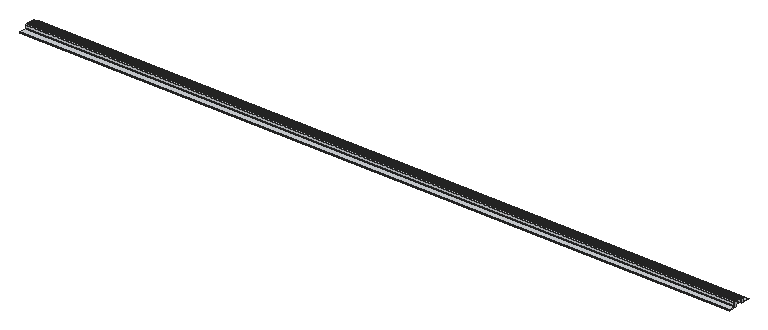
Revit family "Novojunta Pro AL30 RS", category Modelos genéricos, Revit 2024
Family settings
  Puede alojar armadura = No
  Cota de conector redondo = Usar diámetro
  Tipo de pieza = Normal
  Corte con vacíos al cargar = No
  Mantener orientación de anotación = No
  Compartido = No
  Punto de cálculo de habitación = No
Parameters
  Novojunta Pro AL30 RS [instance] = yes
  built-in parameter 1001306 [instance] = 2500 mm
  Default Elevation = 0 mm
  Anchura [instance] = 30 mm
  Altura [instance] = 12.5 mm
Reference planes
  plane 1 "Center (Front/Back)": y = 0
  plane 2: z = 0
  plane 3 "Left": x = 0
  plane 4 "Right": x = 2500
Forms (mm)
  Extrusion 1, solid
    sketch origin (0, 2182.338, -1366.924) x (0, 1, 0) y (0, 0, 1)
      loop
        arc (-2198.484, 1355.773) -> (-2198.923, 1354.712) -> (-2199.984, 1354.273) r 1.5
        line (-2199.984, 1354.273) -> (-2224.134, 1354.273) -> (-2224.134, 1352.923) -> (-2197.134, 1352.923) -> (-2197.134, 1357.647)
        arc (-2197.134, 1357.647) -> (-2196.877, 1358.574) -> (-2196.18, 1359.236) r 1.8
        line (-2196.18, 1359.236) -> (-2193.122, 1360.863)
        arc (-2193.122, 1360.863) -> (-2192.436, 1361.37) -> (-2191.927, 1362.055) r 2.9
        line (-2191.927, 1362.055) -> (-2193.131, 1362.394)
        arc (-2193.131, 1362.394) -> (-2196.184, 1363.424) -> (-2193.131, 1364.453) r 1.7
        line (-2193.131, 1364.453) -> (-2191.927, 1364.792)
        arc (-2191.927, 1364.792) -> (-2192.689, 1365.702) -> (-2193.752, 1366.23) r 2.9
        arc (-2193.752, 1366.23) -> (-2196.099, 1366.666) -> (-2198.484, 1366.765) r 16.767
        line (-2198.484, 1366.765) -> (-2198.484, 1355.773)
      loop
        arc (-2165.309, 1354.234) -> (-2166.37, 1354.674) -> (-2166.809, 1355.734) r 1.5
        line (-2166.809, 1355.734) -> (-2166.809, 1366.727)
        arc (-2166.809, 1366.727) -> (-2169.194, 1366.628) -> (-2171.541, 1366.191) r 16.767
        arc (-2171.541, 1366.191) -> (-2172.604, 1365.663) -> (-2173.366, 1364.754) r 2.9
        line (-2173.366, 1364.754) -> (-2172.162, 1364.415)
        arc (-2172.162, 1364.415) -> (-2169.109, 1363.385) -> (-2172.162, 1362.355) r 1.7
        line (-2172.162, 1362.355) -> (-2173.366, 1362.017)
        arc (-2173.366, 1362.017) -> (-2172.858, 1361.332) -> (-2172.172, 1360.825) r 2.9
        line (-2172.172, 1360.825) -> (-2169.114, 1359.198)
        arc (-2169.114, 1359.198) -> (-2168.416, 1358.536) -> (-2168.159, 1357.609) r 1.8
        line (-2168.159, 1357.609) -> (-2168.159, 1352.884) -> (-2141.159, 1352.884) -> (-2141.159, 1354.234) -> (-2165.309, 1354.234)
      loop
        arc (-2193.348, 1366.308) -> (-2192.103, 1365.409) -> (-2191.443, 1364.024) r 3.1
        line (-2191.443, 1364.024) -> (-2193.109, 1364.024)
        arc (-2193.109, 1364.024) -> (-2195.984, 1363.424) -> (-2193.109, 1362.824) r 1.5
        line (-2193.109, 1362.824) -> (-2191.443, 1362.824)
        arc (-2191.443, 1362.824) -> (-2191.69, 1362.081) -> (-2192.115, 1361.424) r 3.1
        line (-2192.115, 1361.424) -> (-2179.033, 1361.424) -> (-2179.033, 1363.924) -> (-2180.033, 1363.924) -> (-2180.033, 1362.724) -> (-2190.428, 1362.724) -> (-2190.428, 1365.624) -> (-2176.384, 1365.624)
        arc (-2176.384, 1365.624) -> (-2179.291, 1366.595) -> (-2182.338, 1366.924) r 14.283
        line (-2182.338, 1366.924) -> (-2188.959, 1366.924)
        arc (-2188.959, 1366.924) -> (-2191.175, 1366.769) -> (-2193.348, 1366.308) r 15.951
      loop
        arc (-2171.946, 1360.501) -> (-2173.19, 1361.4) -> (-2173.851, 1362.785) r 3.1
        line (-2173.851, 1362.785) -> (-2172.184, 1362.785)
        arc (-2172.184, 1362.785) -> (-2169.309, 1363.385) -> (-2172.184, 1363.985) r 1.5
        line (-2172.184, 1363.985) -> (-2173.851, 1363.985)
        arc (-2173.851, 1363.985) -> (-2173.603, 1364.728) -> (-2173.178, 1365.385) r 3.1
        line (-2173.178, 1365.385) -> (-2186.26, 1365.385) -> (-2186.26, 1362.885) -> (-2185.26, 1362.885) -> (-2185.26, 1364.085) -> (-2174.865, 1364.085) -> (-2174.865, 1361.185) -> (-2188.909, 1361.185)
        arc (-2188.909, 1361.185) -> (-2186.003, 1360.214) -> (-2182.956, 1359.885) r 14.283
        line (-2182.956, 1359.885) -> (-2176.335, 1359.885)
        arc (-2176.335, 1359.885) -> (-2174.119, 1360.04) -> (-2171.946, 1360.501) r 15.951
    from 0 to 2500
Lines and regions (mm)
  reference lines
    curve 1: line (0, 0, 0) -> (2500, 0, 0)
Dimensions and locks
  "built-in parameter 1001306": plane 3 "Left" to plane 4 "Right"
  aligned and locked: plane 4 "Right" to curve 1
  aligned and locked: plane 1 "Center (Front/Back)" to curve 1
  aligned and locked: plane 3 "Left" to curve 1
  aligned and locked: level to plane 2
  aligned and locked: Extrusion 1 to curve 1
  aligned and locked: Extrusion 1 to plane 3 "Left"
Automatic sketch dimensions
  Extrusion 1 sketch curve to Extrusion 1 sketch curve = 0 mm  (x63)
  plane 1 "Center (Front/Back)" to Extrusion 1 sketch curve = 41.796 mm
  Extrusion 1 sketch curve to Extrusion 1 sketch curve = 24.15 mm  (x2)
  Extrusion 1 sketch curve to Extrusion 1 sketch curve = 1.5 mm  (x2)
  Extrusion 1 sketch curve to Extrusion 1 sketch curve = 2 mm
  Extrusion 1 sketch curve to Extrusion 1 sketch curve = 0.85 mm  (x2)
  Extrusion 1 sketch curve to level = 7.687 mm
  Extrusion 1 sketch curve to Extrusion 1 sketch curve = 0.954 mm
  Extrusion 1 sketch curve to Extrusion 1 sketch curve = 1.8 mm  (x2)
  Extrusion 1 sketch curve to Extrusion 1 sketch curve = 1.696 mm
  Extrusion 1 sketch curve to Extrusion 1 sketch curve = 1.353 mm  (x2)
  Extrusion 1 sketch curve to Extrusion 1 sketch curve = 0.01 mm
  Extrusion 1 sketch curve to Extrusion 1 sketch curve = 0.022 mm  (x4)
  Extrusion 1 sketch curve to Extrusion 1 sketch curve = 1.006 mm
  Extrusion 1 sketch curve to Extrusion 1 sketch curve = 0.188 mm  (x2)
  Extrusion 1 sketch curve to Extrusion 1 sketch curve = 1.204 mm
  Extrusion 1 sketch curve to Extrusion 1 sketch curve = 0.485 mm  (x4)
  Extrusion 1 sketch curve to Extrusion 1 sketch curve = 1.499 mm
  Extrusion 1 sketch curve to Extrusion 1 sketch curve = 1.469 mm
  Extrusion 1 sketch curve to Extrusion 1 sketch curve = 1.519 mm  (x2)
  Extrusion 1 sketch curve to level = 1.538 mm
  Extrusion 1 sketch curve to Extrusion 1 sketch curve = 2.698 mm  (x2)
  Extrusion 1 sketch curve to Extrusion 1 sketch curve = 1 mm  (x3)
  Extrusion 1 sketch curve to Extrusion 1 sketch curve = 2.305 mm  (x2)
  Extrusion 1 sketch curve to Extrusion 1 sketch curve = 6.621 mm
  Extrusion 1 sketch curve to Extrusion 1 sketch curve = 2.649 mm
  Extrusion 1 sketch curve to Extrusion 1 sketch curve = 1.014 mm
  Extrusion 1 sketch curve to Extrusion 1 sketch curve = 1.182 mm
  Extrusion 1 sketch curve to level = 6.098 mm
  Extrusion 1 sketch curve to Extrusion 1 sketch curve = 1.194 mm
  Extrusion 1 sketch curve to level = 2.508 mm
  Extrusion 1 sketch curve to Extrusion 1 sketch curve = 1.375 mm
  Extrusion 1 sketch curve to Extrusion 1 sketch curve = 2.212 mm
  Extrusion 1 sketch curve to level = 7.726 mm
  Extrusion 1 sketch curve to Extrusion 1 sketch curve = 0.846 mm
  Extrusion 1 sketch curve to Extrusion 1 sketch curve = 1.35 mm  (x3)
  Extrusion 1 sketch curve to Extrusion 1 sketch curve = 1.875 mm  (x2)
  Extrusion 1 sketch curve to Extrusion 1 sketch curve = 8.185 mm
  Extrusion 1 sketch curve to Extrusion 1 sketch curve = 1.668 mm  (x2)
  Extrusion 1 sketch curve to Extrusion 1 sketch curve = 2.917 mm  (x2)
  Extrusion 1 sketch curve to Extrusion 1 sketch curve = 0.94 mm
  Extrusion 1 sketch curve to Extrusion 1 sketch curve = 1.627 mm
  Extrusion 1 sketch curve to Extrusion 1 sketch curve = 1.3 mm  (x2)
  Extrusion 1 sketch curve to Extrusion 1 sketch curve = 0.56 mm
  Extrusion 1 sketch curve to Extrusion 1 sketch curve = 1.192 mm
  Extrusion 1 sketch curve to Extrusion 1 sketch curve = 0.631 mm  (x2)
  Extrusion 1 sketch curve to Extrusion 1 sketch curve = 0.43 mm
  Extrusion 1 sketch curve to Extrusion 1 sketch curve = 2.5 mm
  Extrusion 1 sketch curve to Extrusion 1 sketch curve = 1.2 mm
  Extrusion 1 sketch curve to Extrusion 1 sketch curve = 0.1 mm
  Extrusion 1 sketch curve to Extrusion 1 sketch curve = 0.769 mm
  Extrusion 1 sketch curve to Extrusion 1 sketch curve = 0.831 mm
  Extrusion 1 sketch curve to Extrusion 1 sketch curve = 0.535 mm  (x2)
